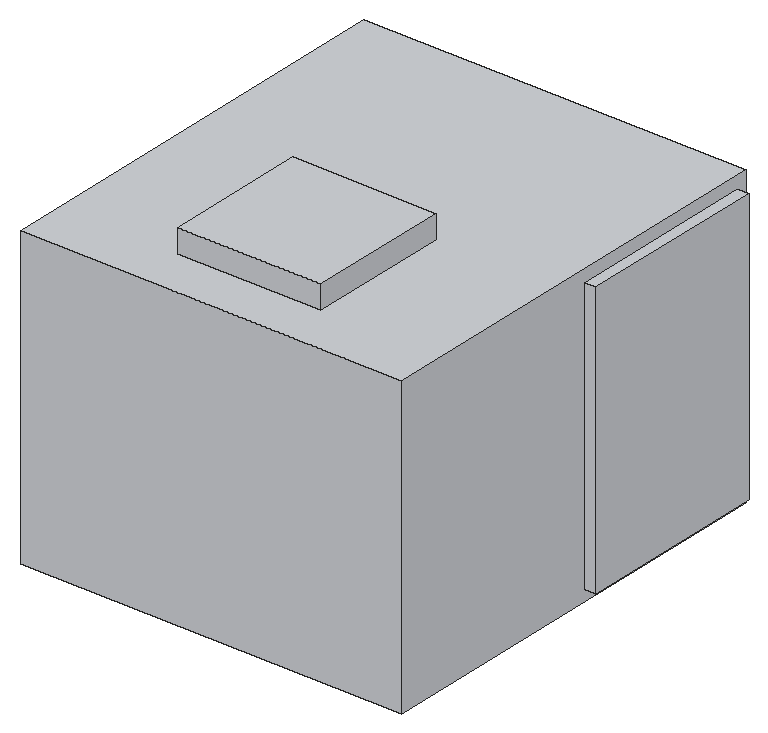
Revit family "2c422f12adf54b518e80d28729c42311", category Mechanical Equipment, Revit 2021
Family settings
  Round Connector Dimension = Use Diameter
  Part Type = Normal
  OmniClass Number = 23.75.35.14
  OmniClass Title = Air Handling Units
  Seek Item ID = AHU Fan Module - Front Discharge Up-0000-USA-ENU
  Work Plane-Based = No
  Always vertical = Yes
  Cut with Voids When Loaded = No
  Shared = No
  Room Calculation Point = No
Parameters (values of type "For 3 Square Feet of Coil")
  Width 1 = 1' - 4"
  Voltage = 208 V
  Outlet Width = 12"
  Outlet Height = 12"
  Load Classification = Cooling
  Inlet Width = 32"
  Inlet Height = 25"
  Fan Material = none
  Number of Poles = 3
  Default Elevation = 0' - 0"
  Apparent Load [instance] = 13000 VA
  External Static Pressure [instance] = 0.75 in-wg
  Air Flow [instance] = 1800 CFM
  Fan Width = 36"
  Fan Length = 32"
  Fan Height = 25"
Types (17): name | Width 1 | Voltage | Outlet Width | Outlet Height | Inlet Width | Inlet Height | Apparent Load | Air Flow | Fan Width | Fan Length | Fan Height
  (no name) | 1' - 4" | 208 V | 12" | 12" | 32" | 25" | 13000 VA | 1800 CFM | 36" | 32" | 25"
  For 3 Square Feet of Coil | 1' - 4" | 208 V | 12" | 12" | 32" | 25" | 13000 VA | 1800 CFM | 36" | 32" | 25"
  For 100 Square Feet of Coil | 2' - 0" | 460 V | 64" | 56" | 152" | 120" | 120000 VA | 60000 CFM | 96" | 152" | 120"
  For 6 Square Feet of Coil | 1' - 4" | 208 V | 16" | 16" | 44" | 28" | 26000 VA | 3600 CFM | 42" | 44" | 28"
  For 8 Square Feet of Coil | 1' - 4" | 208 V | 18" | 18" | 48" | 32" | 32000 VA | 4800 CFM | 44" | 48" | 32"
  For 10 Square Feet of Coil | 1' - 4" | 208 V | 20" | 20" | 60" | 34" | 44000 VA | 6000 CFM | 34" | 60" | 34"
  For 12 Square Feet of Coil | 1' - 4" | 208 V | 22" | 22" | 64" | 38" | 53000 VA | 7200 CFM | 38" | 64" | 38"
  For 14 Square Feet of Coil | 1' - 4" | 208 V | 24" | 24" | 68" | 40" | 63000 VA | 8400 CFM | 40" | 68" | 40"
  For 17 Square Feet of Coil | 1' - 4" | 208 V | 28" | 28" | 74" | 44" | 75000 VA | 10200 CFM | 44" | 74" | 44"
  For 21 Square Feet of Coil | 2' - 0" | 208 V | 28" | 28" | 76" | 50" | 95000 VA | 12600 CFM | 50" | 76" | 50"
  For 25 Square Feet of Coil | 2' - 0" | 208 V | 32" | 32" | 78" | 56" | 95000 VA | 15000 CFM | 56" | 78" | 56"
  For 30 Square Feet of Coil | 2' - 0" | 208 V | 32" | 32" | 92" | 56" | 120000 VA | 18000 CFM | 56" | 92" | 56"
  For 35 Square Feet of Coil | 2' - 0" | 460 V | 34" | 34" | 96" | 62" | 120000 VA | 21000 CFM | 62" | 96" | 62"
  For 40 Square Feet of Coil | 2' - 2" | 460 V | 38" | 38" | 110" | 62" | 120000 VA | 24000 CFM | 62" | 110" | 62"
  For 50 Square Feet of Coil | 2' - 2" | 460 V | 42" | 42" | 120" | 74" | 120000 VA | 30000 CFM | 70" | 120" | 74"
  For 66 Square Feet of Coil | 2' - 0" | 460 V | 48" | 42" | 138" | 92" | 120000 VA | 39600 CFM | 84" | 138" | 92"
  For 80 Square Feet of Coil | 2' - 0" | 460 V | 52" | 50" | 138" | 110" | 120000 VA | 48000 CFM | 92" | 138" | 110"
Reference planes (in)
  plane 1 "Center (Front/Back)": y = 0
  plane 2: z = 0
  plane 3 "Center (Left/Right)": x = 0
  plane 4: x = -16
  plane 5: x = 16
  plane 6: y = -36
  plane 7: z = 25
  plane 8: x = -17
  plane 9: x = 17
  plane 10: y = -1
  plane 11: y = -17
  plane 12: z = 24
  plane 13: z = 1
  plane 14: y = -32
  plane 15: x = -6
  plane 16: x = 6
  plane 17: y = -20
  plane 18: z = 27
  plane 19: z = 4
  plane 20: y = -9
  plane 21: x = -6
  plane 22: x = 6
Forms (in)
  Extrusion 1, solid, material <- "Fan Material"
    sketch origin (0, 0, 0) x (1, 0, 0) y (0, 1, 0)
      loop
        line (-16, 0) -> (-16, -36) -> (16, -36) -> (16, 0) -> (-16, 0)
    from 0 to 25
  Extrusion 2, solid, material <- "Fan Material"
    sketch origin (0, 0, 0) x (1, 0, 0) y (0, 1, 0)
      loop
        line (-17, -1) -> (-17, -17) -> (-16, -17) -> (-16, -1) -> (-17, -1)
      loop
        line (16, -1) -> (16, -17) -> (17, -17) -> (17, -1) -> (16, -1)
    from 1 to 24
  Extrusion 3, solid, material <- "Fan Material"
    sketch origin (0, 0, 0) x (0, 1, 0) y (0, 0, 1)
      loop
        circle (-9, 4) r 0.75
    from -17 to -16
  Extrusion 4, solid, material <- "Fan Material"
    sketch origin (0, 0, 0) x (1, 0, 0) y (0, 1, 0)
      loop
        line (-6, -20) -> (-6, -32) -> (6, -32) -> (6, -20) -> (-6, -20)
    from 25 to 27
Cuts and joins
  joined: Extrusion 1, Extrusion 2, Extrusion 3, Extrusion 4
Dimensions and locks (in)
  "Fan Length": plane 4 to plane 5
  equal spacing: plane 4, plane 3 "Center (Left/Right)", plane 5
  "Fan Width": plane 1 "Center (Front/Back)" to plane 6
  "Fan Height": plane 2 to plane 7
  locked: plane 8 to plane 4 at 1
  locked: plane 5 to plane 9 at 1
  locked: plane 1 "Center (Front/Back)" to plane 10 at 1
  "Width 1": plane 10 to plane 11
  locked: plane 12 to plane 7 at 1
  locked: plane 2 to plane 13 at 1
  locked: plane 14 to plane 6 at 4
  "Outlet Height": plane 17 to plane 14
  locked: plane 7 to plane 18 at 2
  locked: plane 19 to plane 2 at 4
  equal spacing: plane 10, plane 20, plane 11
  equal spacing: plane 21, plane 3 "Center (Left/Right)", plane 22
  "Outlet Width": plane 21 to plane 22
  radius of Extrusion 3 sketch curve = 0' - 0 3/4"
  aligned and locked: plane 4 to Extrusion 1 sketch curve
  aligned and locked: plane 1 "Center (Front/Back)" to Extrusion 1 sketch curve
  aligned and locked: plane 6 to Extrusion 1 sketch curve
  aligned and locked: Extrusion 1 sketch curve to plane 5
  aligned and locked: plane 7 to Extrusion 1
  aligned and locked: Extrusion 1 to plane 2
  aligned and locked: plane 8 to Extrusion 2 sketch curve
  aligned and locked: Extrusion 2 sketch curve to plane 10  (x2)
  aligned and locked: plane 11 to Extrusion 2 sketch curve  (x2)
  aligned and locked: Extrusion 2 sketch curve to plane 4
  aligned and locked: plane 5 to Extrusion 2 sketch curve
  aligned and locked: Extrusion 2 sketch curve to plane 9
  aligned and locked: plane 12 to Extrusion 2
  aligned and locked: Extrusion 2 to plane 13
  aligned and locked: plane 19 to Extrusion 3 sketch curve
  aligned and locked: plane 20 to Extrusion 3 sketch curve
  aligned and locked: Extrusion 3 to plane 8
  aligned and locked: plane 4 to Extrusion 3
  aligned and locked: plane 21 to Extrusion 4 sketch curve
  aligned and locked: Extrusion 4 sketch curve to plane 17
  aligned and locked: plane 14 to Extrusion 4 sketch curve
  aligned and locked: Extrusion 4 sketch curve to plane 22
  aligned and locked: plane 7 to Extrusion 4
  aligned and locked: plane 18 to Extrusion 4
Connectors (in)
  hvac at (0, 0, 12.5), driven by "Air Flow", driven by "Inlet Height", driven by "Inlet Width"
    settings: on Extrusion 1, index 1, duct flow 1800 CFM, flow factor 0, pres drop 0.00 in-wg, loss coef 0, conn angle 0.00°, conn width 32", conn height 25", conn diameter 24", duct sys type 29, conn prof type 1, flow config 0, flow direction 1, loss method 0, conn ref index 2, conn util no, is conn primary yes, conn desc ""
  hvac at (0, -26, 27), driven by "Air Flow", driven by "Outlet Height", driven by "Outlet Width"
    settings: on Extrusion 4, index 2, duct flow 1800 CFM, flow factor 0, pres drop 0.00 in-wg, loss coef 0, conn angle 0.00°, conn width 12", conn height 12", conn diameter 24", duct sys type 29, conn prof type 1, flow config 0, flow direction 2, loss method 0, conn ref index 1, conn util no, is conn primary no, conn desc ""
  electrical at (-17, -9, 4), driven by "Voltage", driven by "Number of Poles", driven by "Apparent Load", driven by "Load Classification"
    settings: on Extrusion 3, index 3, voltage 208 V, apparent load 13000 VA, apparent load phase1 0 VA, apparent load phase2 0 VA, apparent load phase3 0 VA, power factor 0.8, load classification "Cooling", number of poles 3, system type 30, power factor state 1, is connector primary yes, connector utility no, sub classification motor no, connector description ""
